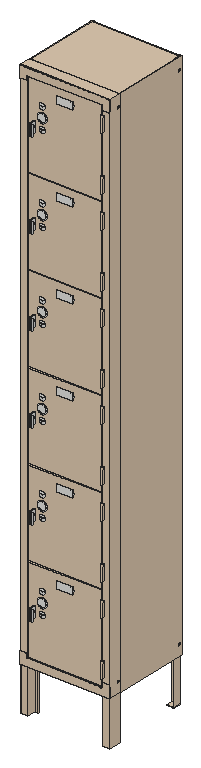
Revit family "Metal_Vented_Lockers-Salsbury_Industries-75000_76000_Series-1_Wide_Units", category Specialty Equipment, Revit 2016 (continued)
Definition of nested family "Vents"
  Lines and regions (in)
    model lines
      curve 73: spline (-0.12218, 0, 45.51529) -> (-0.10447, 0, 45.48616) -> (-0.08514, 0, 45.46173) -> (-0.06447, 0, 45.44237) -> (-0.04279, 0, 45.42839) -> (-0.02043, 0, 45.41999) -> (0.00227, 0, 45.41732) -> (0.02496, 0, 45.4204) -> (0.04728, 0, 45.42919) -> (0.0689, 0, 45.44355) -> (0.08949, 0, 45.46327) -> (0.10872, 0, 45.48805) -> (0.1263, 0, 45.51749)
      curve 74: line (-0.12218, 0, 45.51529) -> (-0.3738, 0, 46.16738)
      curve 75: line (0.1263, 0, 45.51749) -> (0.37669, 0, 46.16665)
      curve 76: spline (-0.12232, 0, 46.81911) -> (-0.1046, 0, 46.8484) -> (-0.08525, 0, 46.87298) -> (-0.06455, 0, 46.89244) -> (-0.04284, 0, 46.9065) -> (-0.02044, 0, 46.91494) -> (0.00229, 0, 46.91763) -> (0.02501, 0, 46.91453) -> (0.04737, 0, 46.90568) -> (0.06902, 0, 46.89122) -> (0.08963, 0, 46.87138) -> (0.10888, 0, 46.84645) -> (0.12647, 0, 46.81683)
      curve 77: line (-0.12232, 0, 46.81911) -> (-0.3738, 0, 46.16738)
      curve 78: line (0.12647, 0, 46.81683) -> (0.37669, 0, 46.16665)
      curve 79: spline (-0.12218, 0, 43.77829) -> (-0.10447, 0, 43.74916) -> (-0.08514, 0, 43.72473) -> (-0.06447, 0, 43.70537) -> (-0.04279, 0, 43.69139) -> (-0.02043, 0, 43.68299) -> (0.00227, 0, 43.68032) -> (0.02496, 0, 43.6834) -> (0.04728, 0, 43.69219) -> (0.0689, 0, 43.70655) -> (0.08949, 0, 43.72627) -> (0.10872, 0, 43.75105) -> (0.1263, 0, 43.78049)
      curve 80: line (-0.12218, 0, 43.77829) -> (-0.3738, 0, 44.43038)
      curve 81: line (0.1263, 0, 43.78049) -> (0.37669, 0, 44.42965)
      curve 82: spline (-0.12232, 0, 45.08211) -> (-0.1046, 0, 45.1114) -> (-0.08525, 0, 45.13598) -> (-0.06455, 0, 45.15544) -> (-0.04284, 0, 45.1695) -> (-0.02044, 0, 45.17794) -> (0.00229, 0, 45.18063) -> (0.02501, 0, 45.17753) -> (0.04737, 0, 45.16868) -> (0.06902, 0, 45.15422) -> (0.08963, 0, 45.13438) -> (0.10888, 0, 45.10945) -> (0.12647, 0, 45.07983)
      curve 83: line (-0.12232, 0, 45.08211) -> (-0.3738, 0, 44.43038)
      curve 84: line (0.12647, 0, 45.07983) -> (0.37669, 0, 44.42965)
      curve 85: spline (-0.12218, 0, 42.04129) -> (-0.10447, 0, 42.01216) -> (-0.08514, 0, 41.98773) -> (-0.06447, 0, 41.96837) -> (-0.04279, 0, 41.95439) -> (-0.02043, 0, 41.94599) -> (0.00227, 0, 41.94332) -> (0.02496, 0, 41.9464) -> (0.04728, 0, 41.95519) -> (0.0689, 0, 41.96955) -> (0.08949, 0, 41.98927) -> (0.10872, 0, 42.01405) -> (0.1263, 0, 42.04349)
      curve 86: line (-0.12218, 0, 42.04129) -> (-0.3738, 0, 42.69338)
      curve 87: line (0.1263, 0, 42.04349) -> (0.37669, 0, 42.69265)
      curve 88: spline (-0.12232, 0, 43.34511) -> (-0.1046, 0, 43.3744) -> (-0.08525, 0, 43.39898) -> (-0.06455, 0, 43.41844) -> (-0.04284, 0, 43.4325) -> (-0.02044, 0, 43.44094) -> (0.00229, 0, 43.44363) -> (0.02501, 0, 43.44053) -> (0.04737, 0, 43.43168) -> (0.06902, 0, 43.41722) -> (0.08963, 0, 43.39738) -> (0.10888, 0, 43.37245) -> (0.12647, 0, 43.34283)
      curve 89: line (-0.12232, 0, 43.34511) -> (-0.3738, 0, 42.69338)
      curve 90: line (0.12647, 0, 43.34283) -> (0.37669, 0, 42.69265)
      curve 91: spline (-0.12218, 0, 40.30429) -> (-0.10447, 0, 40.27516) -> (-0.08514, 0, 40.25073) -> (-0.06447, 0, 40.23137) -> (-0.04279, 0, 40.21739) -> (-0.02043, 0, 40.20899) -> (0.00227, 0, 40.20632) -> (0.02496, 0, 40.2094) -> (0.04728, 0, 40.21819) -> (0.0689, 0, 40.23255) -> (0.08949, 0, 40.25227) -> (0.10872, 0, 40.27705) -> (0.1263, 0, 40.30649)
      curve 92: line (-0.12218, 0, 40.30429) -> (-0.3738, 0, 40.95638)
      curve 93: line (0.1263, 0, 40.30649) -> (0.37669, 0, 40.95565)
      curve 94: spline (-0.12232, 0, 41.60811) -> (-0.1046, 0, 41.6374) -> (-0.08525, 0, 41.66198) -> (-0.06455, 0, 41.68144) -> (-0.04284, 0, 41.6955) -> (-0.02044, 0, 41.70394) -> (0.00229, 0, 41.70663) -> (0.02501, 0, 41.70353) -> (0.04737, 0, 41.69468) -> (0.06902, 0, 41.68022) -> (0.08963, 0, 41.66038) -> (0.10888, 0, 41.63545) -> (0.12647, 0, 41.60583)
      curve 95: line (-0.12232, 0, 41.60811) -> (-0.3738, 0, 40.95638)
      curve 96: line (0.12647, 0, 41.60583) -> (0.37669, 0, 40.95565)
      curve 97: spline (-0.12218, 0, 38.56729) -> (-0.10447, 0, 38.53816) -> (-0.08514, 0, 38.51373) -> (-0.06447, 0, 38.49437) -> (-0.04279, 0, 38.48039) -> (-0.02043, 0, 38.47199) -> (0.00227, 0, 38.46932) -> (0.02496, 0, 38.4724) -> (0.04728, 0, 38.48119) -> (0.0689, 0, 38.49555) -> (0.08949, 0, 38.51527) -> (0.10872, 0, 38.54005) -> (0.1263, 0, 38.56949)
      curve 98: line (-0.12218, 0, 38.56729) -> (-0.3738, 0, 39.21938)
      curve 99: line (0.1263, 0, 38.56949) -> (0.37669, 0, 39.21865)
      curve 100: spline (-0.12232, 0, 39.87111) -> (-0.1046, 0, 39.9004) -> (-0.08525, 0, 39.92498) -> (-0.06455, 0, 39.94444) -> (-0.04284, 0, 39.9585) -> (-0.02044, 0, 39.96694) -> (0.00229, 0, 39.96963) -> (0.02501, 0, 39.96653) -> (0.04737, 0, 39.95768) -> (0.06902, 0, 39.94322) -> (0.08963, 0, 39.92338) -> (0.10888, 0, 39.89845) -> (0.12647, 0, 39.86883)
      curve 101: line (-0.12232, 0, 39.87111) -> (-0.3738, 0, 39.21938)
      curve 102: line (0.12647, 0, 39.86883) -> (0.37669, 0, 39.21865)
      curve 103: spline (-0.12218, 0, 36.83029) -> (-0.10447, 0, 36.80116) -> (-0.08514, 0, 36.77673) -> (-0.06447, 0, 36.75737) -> (-0.04279, 0, 36.74339) -> (-0.02043, 0, 36.73499) -> (0.00227, 0, 36.73232) -> (0.02496, 0, 36.7354) -> (0.04728, 0, 36.74419) -> (0.0689, 0, 36.75855) -> (0.08949, 0, 36.77827) -> (0.10872, 0, 36.80305) -> (0.1263, 0, 36.83249)
      curve 104: line (-0.12218, 0, 36.83029) -> (-0.3738, 0, 37.48238)
      curve 105: line (0.1263, 0, 36.83249) -> (0.37669, 0, 37.48165)
      curve 106: spline (-0.12232, 0, 38.13411) -> (-0.1046, 0, 38.1634) -> (-0.08525, 0, 38.18798) -> (-0.06455, 0, 38.20744) -> (-0.04284, 0, 38.2215) -> (-0.02044, 0, 38.22994) -> (0.00229, 0, 38.23263) -> (0.02501, 0, 38.22953) -> (0.04737, 0, 38.22068) -> (0.06902, 0, 38.20622) -> (0.08963, 0, 38.18638) -> (0.10888, 0, 38.16145) -> (0.12647, 0, 38.13183)
      curve 107: line (-0.12232, 0, 38.13411) -> (-0.3738, 0, 37.48238)
      curve 108: line (0.12647, 0, 38.13183) -> (0.37669, 0, 37.48165)
      curve 109: spline (-0.12218, 0, 35.09329) -> (-0.10447, 0, 35.06416) -> (-0.08514, 0, 35.03973) -> (-0.06447, 0, 35.02037) -> (-0.04279, 0, 35.00639) -> (-0.02043, 0, 34.99799) -> (0.00227, 0, 34.99532) -> (0.02496, 0, 34.9984) -> (0.04728, 0, 35.00719) -> (0.0689, 0, 35.02155) -> (0.08949, 0, 35.04127) -> (0.10872, 0, 35.06605) -> (0.1263, 0, 35.09549)
      curve 110: line (-0.12218, 0, 35.09329) -> (-0.3738, 0, 35.74538)
      curve 111: line (0.1263, 0, 35.09549) -> (0.37669, 0, 35.74465)
      curve 112: spline (-0.12232, 0, 36.39711) -> (-0.1046, 0, 36.4264) -> (-0.08525, 0, 36.45098) -> (-0.06455, 0, 36.47044) -> (-0.04284, 0, 36.4845) -> (-0.02044, 0, 36.49294) -> (0.00229, 0, 36.49563) -> (0.02501, 0, 36.49253) -> (0.04737, 0, 36.48368) -> (0.06902, 0, 36.46922) -> (0.08963, 0, 36.44938) -> (0.10888, 0, 36.42445) -> (0.12647, 0, 36.39483)
      curve 113: line (-0.12232, 0, 36.39711) -> (-0.3738, 0, 35.74538)
      curve 114: line (0.12647, 0, 36.39483) -> (0.37669, 0, 35.74465)
      curve 115: spline (-0.12218, 0, 33.35629) -> (-0.10447, 0, 33.32716) -> (-0.08514, 0, 33.30273) -> (-0.06447, 0, 33.28337) -> (-0.04279, 0, 33.26939) -> (-0.02043, 0, 33.26099) -> (0.00227, 0, 33.25832) -> (0.02496, 0, 33.2614) -> (0.04728, 0, 33.27019) -> (0.0689, 0, 33.28455) -> (0.08949, 0, 33.30427) -> (0.10872, 0, 33.32905) -> (0.1263, 0, 33.35849)
      curve 116: line (-0.12218, 0, 33.35629) -> (-0.3738, 0, 34.00838)
      curve 117: line (0.1263, 0, 33.35849) -> (0.37669, 0, 34.00765)
      curve 118: spline (-0.12232, 0, 34.66011) -> (-0.1046, 0, 34.6894) -> (-0.08525, 0, 34.71398) -> (-0.06455, 0, 34.73344) -> (-0.04284, 0, 34.7475) -> (-0.02044, 0, 34.75594) -> (0.00229, 0, 34.75863) -> (0.02501, 0, 34.75553) -> (0.04737, 0, 34.74668) -> (0.06902, 0, 34.73222) -> (0.08963, 0, 34.71238) -> (0.10888, 0, 34.68745) -> (0.12647, 0, 34.65783)
      curve 119: line (-0.12232, 0, 34.66011) -> (-0.3738, 0, 34.00838)
      curve 120: line (0.12647, 0, 34.65783) -> (0.37669, 0, 34.00765)
      curve 121: spline (-0.12218, 0, 31.61929) -> (-0.10447, 0, 31.59016) -> (-0.08514, 0, 31.56573) -> (-0.06447, 0, 31.54637) -> (-0.04279, 0, 31.53239) -> (-0.02043, 0, 31.52399) -> (0.00227, 0, 31.52132) -> (0.02496, 0, 31.5244) -> (0.04728, 0, 31.53319) -> (0.0689, 0, 31.54755) -> (0.08949, 0, 31.56727) -> (0.10872, 0, 31.59205) -> (0.1263, 0, 31.62149)
      curve 122: line (-0.12218, 0, 31.61929) -> (-0.3738, 0, 32.27138)
      curve 123: line (0.1263, 0, 31.62149) -> (0.37669, 0, 32.27065)
      curve 124: spline (-0.12232, 0, 32.92311) -> (-0.1046, 0, 32.9524) -> (-0.08525, 0, 32.97698) -> (-0.06455, 0, 32.99644) -> (-0.04284, 0, 33.0105) -> (-0.02044, 0, 33.01894) -> (0.00229, 0, 33.02163) -> (0.02501, 0, 33.01853) -> (0.04737, 0, 33.00968) -> (0.06902, 0, 32.99522) -> (0.08963, 0, 32.97538) -> (0.10888, 0, 32.95045) -> (0.12647, 0, 32.92083)
      curve 125: line (-0.12232, 0, 32.92311) -> (-0.3738, 0, 32.27138)
      curve 126: line (0.12647, 0, 32.92083) -> (0.37669, 0, 32.27065)
      curve 127: spline (-0.12218, 0, 29.88229) -> (-0.10447, 0, 29.85316) -> (-0.08514, 0, 29.82873) -> (-0.06447, 0, 29.80937) -> (-0.04279, 0, 29.79539) -> (-0.02043, 0, 29.78699) -> (0.00227, 0, 29.78432) -> (0.02496, 0, 29.7874) -> (0.04728, 0, 29.79619) -> (0.0689, 0, 29.81055) -> (0.08949, 0, 29.83027) -> (0.10872, 0, 29.85505) -> (0.1263, 0, 29.88449)
      curve 128: line (-0.12218, 0, 29.88229) -> (-0.3738, 0, 30.53438)
      curve 129: line (0.1263, 0, 29.88449) -> (0.37669, 0, 30.53365)
      curve 130: spline (-0.12232, 0, 31.18611) -> (-0.1046, 0, 31.2154) -> (-0.08525, 0, 31.23998) -> (-0.06455, 0, 31.25944) -> (-0.04284, 0, 31.2735) -> (-0.02044, 0, 31.28194) -> (0.00229, 0, 31.28463) -> (0.02501, 0, 31.28153) -> (0.04737, 0, 31.27268) -> (0.06902, 0, 31.25822) -> (0.08963, 0, 31.23838) -> (0.10888, 0, 31.21345) -> (0.12647, 0, 31.18383)
      curve 131: line (-0.12232, 0, 31.18611) -> (-0.3738, 0, 30.53438)
      curve 132: line (0.12647, 0, 31.18383) -> (0.37669, 0, 30.53365)
      curve 133: spline (-0.12218, 0, 28.14529) -> (-0.10447, 0, 28.11616) -> (-0.08514, 0, 28.09173) -> (-0.06447, 0, 28.07237) -> (-0.04279, 0, 28.05839) -> (-0.02043, 0, 28.04999) -> (0.00227, 0, 28.04732) -> (0.02496, 0, 28.0504) -> (0.04728, 0, 28.05919) -> (0.0689, 0, 28.07355) -> (0.08949, 0, 28.09327) -> (0.10872, 0, 28.11805) -> (0.1263, 0, 28.14749)
      curve 134: line (-0.12218, 0, 28.14529) -> (-0.3738, 0, 28.79738)
      curve 135: line (0.1263, 0, 28.14749) -> (0.37669, 0, 28.79665)
      curve 136: spline (-0.12232, 0, 29.44911) -> (-0.1046, 0, 29.4784) -> (-0.08525, 0, 29.50298) -> (-0.06455, 0, 29.52244) -> (-0.04284, 0, 29.5365) -> (-0.02044, 0, 29.54494) -> (0.00229, 0, 29.54763) -> (0.02501, 0, 29.54453) -> (0.04737, 0, 29.53568) -> (0.06902, 0, 29.52122) -> (0.08963, 0, 29.50138) -> (0.10888, 0, 29.47645) -> (0.12647, 0, 29.44683)
      curve 137: line (-0.12232, 0, 29.44911) -> (-0.3738, 0, 28.79738)
      curve 138: line (0.12647, 0, 29.44683) -> (0.37669, 0, 28.79665)
      curve 139: spline (-0.12218, 0, 26.40829) -> (-0.10447, 0, 26.37916) -> (-0.08514, 0, 26.35473) -> (-0.06447, 0, 26.33537) -> (-0.04279, 0, 26.32139) -> (-0.02043, 0, 26.31299) -> (0.00227, 0, 26.31032) -> (0.02496, 0, 26.3134) -> (0.04728, 0, 26.32219) -> (0.0689, 0, 26.33655) -> (0.08949, 0, 26.35627) -> (0.10872, 0, 26.38105) -> (0.1263, 0, 26.41049)
      curve 140: line (-0.12218, 0, 26.40829) -> (-0.3738, 0, 27.06038)
      curve 141: line (0.1263, 0, 26.41049) -> (0.37669, 0, 27.05965)
      curve 142: spline (-0.12232, 0, 27.71211) -> (-0.1046, 0, 27.7414) -> (-0.08525, 0, 27.76598) -> (-0.06455, 0, 27.78544) -> (-0.04284, 0, 27.7995) -> (-0.02044, 0, 27.80794) -> (0.00229, 0, 27.81063) -> (0.02501, 0, 27.80753) -> (0.04737, 0, 27.79868) -> (0.06902, 0, 27.78422) -> (0.08963, 0, 27.76438) -> (0.10888, 0, 27.73945) -> (0.12647, 0, 27.70983)
      curve 143: line (-0.12232, 0, 27.71211) -> (-0.3738, 0, 27.06038)
      curve 144: line (0.12647, 0, 27.70983) -> (0.37669, 0, 27.05965)
      curve 145: spline (-0.12218, 0, 24.67129) -> (-0.10447, 0, 24.64216) -> (-0.08514, 0, 24.61773) -> (-0.06447, 0, 24.59837) -> (-0.04279, 0, 24.58439) -> (-0.02043, 0, 24.57599) -> (0.00227, 0, 24.57332) -> (0.02496, 0, 24.5764) -> (0.04728, 0, 24.58519) -> (0.0689, 0, 24.59955) -> (0.08949, 0, 24.61927) -> (0.10872, 0, 24.64405) -> (0.1263, 0, 24.67349)
      curve 146: line (-0.12218, 0, 24.67129) -> (-0.3738, 0, 25.32338)
      curve 147: line (0.1263, 0, 24.67349) -> (0.37669, 0, 25.32265)
      curve 148: spline (-0.12232, 0, 25.97511) -> (-0.1046, 0, 26.0044) -> (-0.08525, 0, 26.02898) -> (-0.06455, 0, 26.04844) -> (-0.04284, 0, 26.0625) -> (-0.02044, 0, 26.07094) -> (0.00229, 0, 26.07363) -> (0.02501, 0, 26.07053) -> (0.04737, 0, 26.06168) -> (0.06902, 0, 26.04722) -> (0.08963, 0, 26.02738) -> (0.10888, 0, 26.00245) -> (0.12647, 0, 25.97283)
      curve 149: line (-0.12232, 0, 25.97511) -> (-0.3738, 0, 25.32338)
      curve 150: line (0.12647, 0, 25.97283) -> (0.37669, 0, 25.32265)
      curve 151: spline (-0.12218, 0, 22.93429) -> (-0.10447, 0, 22.90516) -> (-0.08514, 0, 22.88073) -> (-0.06447, 0, 22.86137) -> (-0.04279, 0, 22.84739) -> (-0.02043, 0, 22.83899) -> (0.00227, 0, 22.83632) -> (0.02496, 0, 22.8394) -> (0.04728, 0, 22.84819) -> (0.0689, 0, 22.86255) -> (0.08949, 0, 22.88227) -> (0.10872, 0, 22.90705) -> (0.1263, 0, 22.93649)
      curve 152: line (-0.12218, 0, 22.93429) -> (-0.3738, 0, 23.58638)
      curve 153: line (0.1263, 0, 22.93649) -> (0.37669, 0, 23.58565)
      curve 154: spline (-0.12232, 0, 24.23811) -> (-0.1046, 0, 24.2674) -> (-0.08525, 0, 24.29198) -> (-0.06455, 0, 24.31144) -> (-0.04284, 0, 24.3255) -> (-0.02044, 0, 24.33394) -> (0.00229, 0, 24.33663) -> (0.02501, 0, 24.33353) -> (0.04737, 0, 24.32468) -> (0.06902, 0, 24.31022) -> (0.08963, 0, 24.29038) -> (0.10888, 0, 24.26545) -> (0.12647, 0, 24.23583)
      curve 155: line (-0.12232, 0, 24.23811) -> (-0.3738, 0, 23.58638)
      curve 156: line (0.12647, 0, 24.23583) -> (0.37669, 0, 23.58565)
      curve 157: spline (-0.12218, 0, 21.19729) -> (-0.10447, 0, 21.16816) -> (-0.08514, 0, 21.14373) -> (-0.06447, 0, 21.12437) -> (-0.04279, 0, 21.11039) -> (-0.02043, 0, 21.10199) -> (0.00227, 0, 21.09932) -> (0.02496, 0, 21.1024) -> (0.04728, 0, 21.11119) -> (0.0689, 0, 21.12555) -> (0.08949, 0, 21.14527) -> (0.10872, 0, 21.17005) -> (0.1263, 0, 21.19949)
      curve 158: line (-0.12218, 0, 21.19729) -> (-0.3738, 0, 21.84938)
      curve 159: line (0.1263, 0, 21.19949) -> (0.37669, 0, 21.84865)
      curve 160: spline (-0.12232, 0, 22.50111) -> (-0.1046, 0, 22.5304) -> (-0.08525, 0, 22.55498) -> (-0.06455, 0, 22.57444) -> (-0.04284, 0, 22.5885) -> (-0.02044, 0, 22.59694) -> (0.00229, 0, 22.59963) -> (0.02501, 0, 22.59653) -> (0.04737, 0, 22.58768) -> (0.06902, 0, 22.57322) -> (0.08963, 0, 22.55338) -> (0.10888, 0, 22.52845) -> (0.12647, 0, 22.49883)
      curve 161: line (-0.12232, 0, 22.50111) -> (-0.3738, 0, 21.84938)
      curve 162: line (0.12647, 0, 22.49883) -> (0.37669, 0, 21.84865)
      curve 163: spline (-0.12218, 0, 19.46029) -> (-0.10447, 0, 19.43116) -> (-0.08514, 0, 19.40673) -> (-0.06447, 0, 19.38737) -> (-0.04279, 0, 19.37339) -> (-0.02043, 0, 19.36499) -> (0.00227, 0, 19.36232) -> (0.02496, 0, 19.3654) -> (0.04728, 0, 19.37419) -> (0.0689, 0, 19.38855) -> (0.08949, 0, 19.40827) -> (0.10872, 0, 19.43305) -> (0.1263, 0, 19.46249)
      curve 164: line (-0.12218, 0, 19.46029) -> (-0.3738, 0, 20.11238)
      curve 165: line (0.1263, 0, 19.46249) -> (0.37669, 0, 20.11165)
      curve 166: spline (-0.12232, 0, 20.76411) -> (-0.1046, 0, 20.7934) -> (-0.08525, 0, 20.81798) -> (-0.06455, 0, 20.83744) -> (-0.04284, 0, 20.8515) -> (-0.02044, 0, 20.85994) -> (0.00229, 0, 20.86263) -> (0.02501, 0, 20.85953) -> (0.04737, 0, 20.85068) -> (0.06902, 0, 20.83622) -> (0.08963, 0, 20.81638) -> (0.10888, 0, 20.79145) -> (0.12647, 0, 20.76183)
      curve 167: line (-0.12232, 0, 20.76411) -> (-0.3738, 0, 20.11238)
      curve 168: line (0.12647, 0, 20.76183) -> (0.37669, 0, 20.11165)
      curve 197: spline (-0.12218, 0, 17.72329) -> (-0.10447, 0, 17.69416) -> (-0.08514, 0, 17.66973) -> (-0.06447, 0, 17.65037) -> (-0.04279, 0, 17.63639) -> (-0.02043, 0, 17.62799) -> (0.00227, 0, 17.62532) -> (0.02496, 0, 17.6284) -> (0.04728, 0, 17.63719) -> (0.0689, 0, 17.65155) -> (0.08949, 0, 17.67127) -> (0.10872, 0, 17.69605) -> (0.1263, 0, 17.72549)
      curve 198: line (-0.12218, 0, 17.72329) -> (-0.3738, 0, 18.37538)
      curve 199: line (0.1263, 0, 17.72549) -> (0.37669, 0, 18.37465)
      curve 200: spline (-0.12232, 0, 19.02711) -> (-0.1046, 0, 19.0564) -> (-0.08525, 0, 19.08098) -> (-0.06455, 0, 19.10044) -> (-0.04284, 0, 19.1145) -> (-0.02044, 0, 19.12294) -> (0.00229, 0, 19.12563) -> (0.02501, 0, 19.12253) -> (0.04737, 0, 19.11368) -> (0.06902, 0, 19.09922) -> (0.08963, 0, 19.07938) -> (0.10888, 0, 19.05445) -> (0.12647, 0, 19.02483)
      curve 201: line (-0.12232, 0, 19.02711) -> (-0.3738, 0, 18.37538)
      curve 202: line (0.12647, 0, 19.02483) -> (0.37669, 0, 18.37465)
      curve 204: spline (-0.12218, 0, 15.98629) -> (-0.10447, 0, 15.95716) -> (-0.08514, 0, 15.93273) -> (-0.06447, 0, 15.91337) -> (-0.04279, 0, 15.89939) -> (-0.02043, 0, 15.89099) -> (0.00227, 0, 15.88832) -> (0.02496, 0, 15.8914) -> (0.04728, 0, 15.90019) -> (0.0689, 0, 15.91455) -> (0.08949, 0, 15.93427) -> (0.10872, 0, 15.95905) -> (0.1263, 0, 15.98849)
      curve 205: line (-0.12218, 0, 15.98629) -> (-0.3738, 0, 16.63838)
      curve 206: line (0.1263, 0, 15.98849) -> (0.37669, 0, 16.63765)
      curve 207: spline (-0.12232, 0, 17.29011) -> (-0.1046, 0, 17.3194) -> (-0.08525, 0, 17.34398) -> (-0.06455, 0, 17.36344) -> (-0.04284, 0, 17.3775) -> (-0.02044, 0, 17.38594) -> (0.00229, 0, 17.38863) -> (0.02501, 0, 17.38553) -> (0.04737, 0, 17.37668) -> (0.06902, 0, 17.36222) -> (0.08963, 0, 17.34238) -> (0.10888, 0, 17.31745) -> (0.12647, 0, 17.28783)
      curve 208: line (-0.12232, 0, 17.29011) -> (-0.3738, 0, 16.63838)
      curve 209: line (0.12647, 0, 17.28783) -> (0.37669, 0, 16.63765)
      curve 211: spline (-0.12218, 0, 14.24929) -> (-0.10447, 0, 14.22016) -> (-0.08514, 0, 14.19573) -> (-0.06447, 0, 14.17637) -> (-0.04279, 0, 14.16239) -> (-0.02043, 0, 14.15399) -> (0.00227, 0, 14.15132) -> (0.02496, 0, 14.1544) -> (0.04728, 0, 14.16319) -> (0.0689, 0, 14.17755) -> (0.08949, 0, 14.19727) -> (0.10872, 0, 14.22205) -> (0.1263, 0, 14.25149)
      curve 212: line (-0.12218, 0, 14.24929) -> (-0.3738, 0, 14.90138)
      curve 213: line (0.1263, 0, 14.25149) -> (0.37669, 0, 14.90065)
      curve 214: spline (-0.12232, 0, 15.55311) -> (-0.1046, 0, 15.5824) -> (-0.08525, 0, 15.60698) -> (-0.06455, 0, 15.62644) -> (-0.04284, 0, 15.6405) -> (-0.02044, 0, 15.64894) -> (0.00229, 0, 15.65163) -> (0.02501, 0, 15.64853) -> (0.04737, 0, 15.63968) -> (0.06902, 0, 15.62522) -> (0.08963, 0, 15.60538) -> (0.10888, 0, 15.58045) -> (0.12647, 0, 15.55083)
      curve 215: line (-0.12232, 0, 15.55311) -> (-0.3738, 0, 14.90138)
      curve 216: line (0.12647, 0, 15.55083) -> (0.37669, 0, 14.90065)
      curve 218: spline (-0.12218, 0, 12.51229) -> (-0.10447, 0, 12.48316) -> (-0.08514, 0, 12.45873) -> (-0.06447, 0, 12.43937) -> (-0.04279, 0, 12.42539) -> (-0.02043, 0, 12.41699) -> (0.00227, 0, 12.41432) -> (0.02496, 0, 12.4174) -> (0.04728, 0, 12.42619) -> (0.0689, 0, 12.44055) -> (0.08949, 0, 12.46027) -> (0.10872, 0, 12.48505) -> (0.1263, 0, 12.51449)
      curve 219: line (-0.12218, 0, 12.51229) -> (-0.3738, 0, 13.16438)
      curve 220: line (0.1263, 0, 12.51449) -> (0.37669, 0, 13.16365)
      curve 221: spline (-0.12232, 0, 13.81611) -> (-0.1046, 0, 13.8454) -> (-0.08525, 0, 13.86998) -> (-0.06455, 0, 13.88944) -> (-0.04284, 0, 13.9035) -> (-0.02044, 0, 13.91194) -> (0.00229, 0, 13.91463) -> (0.02501, 0, 13.91153) -> (0.04737, 0, 13.90268) -> (0.06902, 0, 13.88822) -> (0.08963, 0, 13.86838) -> (0.10888, 0, 13.84345) -> (0.12647, 0, 13.81383)
      curve 222: line (-0.12232, 0, 13.81611) -> (-0.3738, 0, 13.16438)
      curve 223: line (0.12647, 0, 13.81383) -> (0.37669, 0, 13.16365)
      curve 225: spline (-0.12218, 0, 10.77529) -> (-0.10447, 0, 10.74616) -> (-0.08514, 0, 10.72173) -> (-0.06447, 0, 10.70237) -> (-0.04279, 0, 10.68839) -> (-0.02043, 0, 10.67999) -> (0.00227, 0, 10.67732) -> (0.02496, 0, 10.6804) -> (0.04728, 0, 10.68919) -> (0.0689, 0, 10.70355) -> (0.08949, 0, 10.72327) -> (0.10872, 0, 10.74805) -> (0.1263, 0, 10.77749)
      curve 226: line (-0.12218, 0, 10.77529) -> (-0.3738, 0, 11.42738)
      curve 227: line (0.1263, 0, 10.77749) -> (0.37669, 0, 11.42665)
      curve 228: spline (-0.12232, 0, 12.07911) -> (-0.1046, 0, 12.1084) -> (-0.08525, 0, 12.13298) -> (-0.06455, 0, 12.15244) -> (-0.04284, 0, 12.1665) -> (-0.02044, 0, 12.17494) -> (0.00229, 0, 12.17763) -> (0.02501, 0, 12.17453) -> (0.04737, 0, 12.16568) -> (0.06902, 0, 12.15122) -> (0.08963, 0, 12.13138) -> (0.10888, 0, 12.10645) -> (0.12647, 0, 12.07683)
      curve 229: line (-0.12232, 0, 12.07911) -> (-0.3738, 0, 11.42738)
      curve 230: line (0.12647, 0, 12.07683) -> (0.37669, 0, 11.42665)
      curve 232: spline (-0.12218, 0, 9.03829) -> (-0.10447, 0, 9.00916) -> (-0.08514, 0, 8.98473) -> (-0.06447, 0, 8.96537) -> (-0.04279, 0, 8.95139) -> (-0.02043, 0, 8.94299) -> (0.00227, 0, 8.94032) -> (0.02496, 0, 8.9434) -> (0.04728, 0, 8.95219) -> (0.0689, 0, 8.96655) -> (0.08949, 0, 8.98627) -> (0.10872, 0, 9.01105) -> (0.1263, 0, 9.04049)
      curve 233: line (-0.12218, 0, 9.03829) -> (-0.3738, 0, 9.69038)
      curve 234: line (0.1263, 0, 9.04049) -> (0.37669, 0, 9.68965)
      curve 235: spline (-0.12232, 0, 10.34211) -> (-0.1046, 0, 10.3714) -> (-0.08525, 0, 10.39598) -> (-0.06455, 0, 10.41544) -> (-0.04284, 0, 10.4295) -> (-0.02044, 0, 10.43794) -> (0.00229, 0, 10.44063) -> (0.02501, 0, 10.43753) -> (0.04737, 0, 10.42868) -> (0.06902, 0, 10.41422) -> (0.08963, 0, 10.39438) -> (0.10888, 0, 10.36945) -> (0.12647, 0, 10.33983)
      curve 236: line (-0.12232, 0, 10.34211) -> (-0.3738, 0, 9.69038)
      curve 237: line (0.12647, 0, 10.33983) -> (0.37669, 0, 9.68965)
      curve 239: spline (-0.12218, 0, 7.30129) -> (-0.10447, 0, 7.27216) -> (-0.08514, 0, 7.24773) -> (-0.06447, 0, 7.22837) -> (-0.04279, 0, 7.21439) -> (-0.02043, 0, 7.20599) -> (0.00227, 0, 7.20332) -> (0.02496, 0, 7.2064) -> (0.04728, 0, 7.21519) -> (0.0689, 0, 7.22955) -> (0.08949, 0, 7.24927) -> (0.10872, 0, 7.27405) -> (0.1263, 0, 7.30349)
      curve 240: line (-0.12218, 0, 7.30129) -> (-0.3738, 0, 7.95338)
      curve 241: line (0.1263, 0, 7.30349) -> (0.37669, 0, 7.95265)
      curve 242: spline (-0.12232, 0, 8.60511) -> (-0.1046, 0, 8.6344) -> (-0.08525, 0, 8.65898) -> (-0.06455, 0, 8.67844) -> (-0.04284, 0, 8.6925) -> (-0.02044, 0, 8.70094) -> (0.00229, 0, 8.70363) -> (0.02501, 0, 8.70053) -> (0.04737, 0, 8.69168) -> (0.06902, 0, 8.67722) -> (0.08963, 0, 8.65738) -> (0.10888, 0, 8.63245) -> (0.12647, 0, 8.60283)
      curve 243: line (-0.12232, 0, 8.60511) -> (-0.3738, 0, 7.95338)
      curve 244: line (0.12647, 0, 8.60283) -> (0.37669, 0, 7.95265)
      curve 246: spline (-0.12218, 0, 5.56429) -> (-0.10447, 0, 5.53516) -> (-0.08514, 0, 5.51073) -> (-0.06447, 0, 5.49137) -> (-0.04279, 0, 5.47739) -> (-0.02043, 0, 5.46899) -> (0.00227, 0, 5.46632) -> (0.02496, 0, 5.4694) -> (0.04728, 0, 5.47819) -> (0.0689, 0, 5.49255) -> (0.08949, 0, 5.51227) -> (0.10872, 0, 5.53705) -> (0.1263, 0, 5.56649)
      curve 247: line (-0.12218, 0, 5.56429) -> (-0.3738, 0, 6.21638)
      curve 248: line (0.1263, 0, 5.56649) -> (0.37669, 0, 6.21565)
      curve 249: spline (-0.12232, 0, 6.86811) -> (-0.1046, 0, 6.8974) -> (-0.08525, 0, 6.92198) -> (-0.06455, 0, 6.94144) -> (-0.04284, 0, 6.9555) -> (-0.02044, 0, 6.96394) -> (0.00229, 0, 6.96663) -> (0.02501, 0, 6.96353) -> (0.04737, 0, 6.95468) -> (0.06902, 0, 6.94022) -> (0.08963, 0, 6.92038) -> (0.10888, 0, 6.89545) -> (0.12647, 0, 6.86583)
      curve 250: line (-0.12232, 0, 6.86811) -> (-0.3738, 0, 6.21638)
      curve 251: line (0.12647, 0, 6.86583) -> (0.37669, 0, 6.21565)
    reference lines
      curve 169: line (-0.37307, 0, 67.00949) -> (0.37714, 0, 67.00949)
      curve 170: line (-0.37307, 0, 65.27249) -> (0.37714, 0, 65.27249)
      curve 171: line (-0.37307, 0, 63.53549) -> (0.37714, 0, 63.53549)
      curve 172: line (-0.37307, 0, 61.79849) -> (0.37714, 0, 61.79849)
      curve 173: line (-0.37307, 0, 60.06149) -> (0.37714, 0, 60.06149)
      curve 174: line (-0.37307, 0, 58.32449) -> (0.37714, 0, 58.32449)
      curve 175: line (-0.37307, 0, 56.58749) -> (0.37714, 0, 56.58749)
      curve 176: line (-0.37307, 0, 54.85049) -> (0.37714, 0, 54.85049)
      curve 177: line (-0.37307, 0, 53.11349) -> (0.37714, 0, 53.11349)
      curve 178: line (-0.37307, 0, 51.37649) -> (0.37714, 0, 51.37649)
      curve 179: line (-0.37307, 0, 49.63949) -> (0.37714, 0, 49.63949)
      curve 180: line (-0.37307, 0, 47.90249) -> (0.37714, 0, 47.90249)
      curve 181: line (-0.37307, 0, 46.16549) -> (0.37714, 0, 46.16549)
      curve 182: line (-0.37307, 0, 44.42849) -> (0.37714, 0, 44.42849)
      curve 183: line (-0.37307, 0, 42.69149) -> (0.37714, 0, 42.69149)
      curve 184: line (-0.37307, 0, 40.95449) -> (0.37714, 0, 40.95449)
      curve 185: line (-0.37307, 0, 39.21749) -> (0.37714, 0, 39.21749)
      curve 186: line (-0.37307, 0, 37.48049) -> (0.37714, 0, 37.48049)
      curve 187: line (-0.37307, 0, 35.74349) -> (0.37714, 0, 35.74349)
      curve 188: line (-0.37307, 0, 34.00649) -> (0.37714, 0, 34.00649)
      curve 189: line (-0.37307, 0, 32.26949) -> (0.37714, 0, 32.26949)
      curve 190: line (-0.37307, 0, 30.53249) -> (0.37714, 0, 30.53249)
      curve 191: line (-0.37307, 0, 28.79549) -> (0.37714, 0, 28.79549)
      curve 192: line (-0.37307, 0, 27.05849) -> (0.37714, 0, 27.05849)
      curve 193: line (-0.37307, 0, 25.32149) -> (0.37714, 0, 25.32149)
      curve 194: line (-0.37307, 0, 23.58449) -> (0.37714, 0, 23.58449)
      curve 195: line (-0.37307, 0, 21.84749) -> (0.37714, 0, 21.84749)
      curve 196: line (-0.37307, 0, 20.11049) -> (0.37714, 0, 20.11049)
      curve 203: line (-0.37307, 0, 18.37349) -> (0.37714, 0, 18.37349)
      curve 210: line (-0.37307, 0, 16.63649) -> (0.37714, 0, 16.63649)
      curve 217: line (-0.37307, 0, 14.89949) -> (0.37714, 0, 14.89949)
      curve 224: line (-0.37307, 0, 13.16249) -> (0.37714, 0, 13.16249)
      curve 231: line (-0.37307, 0, 11.42549) -> (0.37714, 0, 11.42549)
      curve 238: line (-0.37307, 0, 9.68849) -> (0.37714, 0, 9.68849)
      curve 245: line (-0.37307, 0, 7.95149) -> (0.37714, 0, 7.95149)
      curve 252: line (-0.37307, 0, 6.21449) -> (0.37714, 0, 6.21449)
  Dimensions and locks (in)
    equal spacing: group 1, group 2, group 3, group 4, group 5, group 6, group 7, group 8, group 9, group 10, group 11, group 12, group 13, group 14, group 15, group 16, group 17, group 18, group 19, group 20, group 21, group 22, group 23, group 24, group 25, group 26, group 27, group 28, group 29, group 30, group 31, group 32, group 33, group 34, group 35, group 36  (x2)
    equal spacing: group 36, group 35, group 34, group 33, group 32, group 31, group 30, group 29, group 28, group 27, group 26, group 25, group 24, group 23, group 22, group 21, group 20, group 19, group 18, group 17, group 16, group 15, group 14, group 13, group 12, group 11, group 10, group 9, group 8, group 7, group 6, group 5, group 4, group 3, group 2, group 1
    aligned and locked: level to plane 2
Types (19): name | Zee Base | Vent Offset | Vent Configuration Height | Vent Array 2 | Vent Array 1 | Unit Height including Sloping Hood Only | Unit Height | Type Comments | Total Door(s) Height | Top Door | Top Compartment Divider | Sloping Hood Height | Primary Structure Material | Unit Height including Base Only | Overall Unit Height (including Base and Sloping Hood) | Model | Individual Door Height | Hasp Plate Rivet Material | Door Location D1 | Description | Depth | Compartment Divider Height | Base Height | Standard Leg Base
  (no name) | Metal Locker Zee Base : None | 3.250" | Vents : 6 foot high vents | 5 | 6 | 78.625" | 72.000" | "12\" Wide Vented Metal Locker - Box Style Six Tier" | 69.81949" | yes | yes | 6.625" | Steel - Salsbury Finish = Tan | 78.000" | 84.625" | "76162" | 11.534" | Steel -Salsbury Finish =  Polished Steel | Vented Metal Locker Doors-12 inch with Latch Hasps : Six Tier Door - 6 foot | "1 Wide - 6 Feet High - 12 Inches Deep" | 12.010" | 11.159" | 6.000" | Metal Locker Legs : 6" High - 12" W x 12" D
  76162 - with Standard 6" High Legs | Metal Locker Zee Base : None | 3.250" | Vents : 6 foot high vents | 5 | 6 | 78.625" | 72.000" | "12\" Wide Vented Metal Locker - Box Style Six Tier" | 69.81949" | yes | yes | 6.625" | Steel - Salsbury Finish = Tan | 78.000" | 84.625" | "76162" | 11.534" | Steel -Salsbury Finish =  Polished Steel | Vented Metal Locker Doors-12 inch with Latch Hasps : Six Tier Door - 6 foot | "1 Wide - 6 Feet High - 12 Inches Deep" | 12.010" | 11.159" | 6.000" | Metal Locker Legs : 6" High - 12" W x 12" D
  76165 - with Standard 6" High Legs | Metal Locker Zee Base : None | 3.500" | Vents : 6 foot high vents | 7 | 8 | 80.682" | 72.000" | "12\" Wide Vented Metal Locker - Box Style Six Tier" | 69.81949" | yes | yes | 8.682" | Paint - Salsbury Finish - Tan | 78.000" | 86.682" | "76165" | 11.534" | Steel -Salsbury Finish - Polished Steel | Vented Metal Locker Doors-12 inch with Latch Hasps : Six Tier Door - 6 foot | "1 Wide - 6 Feet High - 15 Inches Deep" | 15.010" | 11.159" | 6.000" | Metal Locker Legs : 6" High - 12" W x 15" D
  76168 - with Standard 6" High Legs | Metal Locker Zee Base : None | 3.750" | Vents : 6 foot high vents | 9 | 10 | 82.739" | 72.000" | "12\" Wide Vented Metal Locker - Box Style Six Tier" | 69.81949" | yes | yes | 10.739" | Paint - Salsbury Finish - Tan | 78.000" | 88.739" | "76168" | 11.534" | Steel -Salsbury Finish - Polished Steel | Vented Metal Locker Doors-12 inch with Latch Hasps : Six Tier Door - 6 foot | "1 Wide - 6 Feet High - 18 Inches Deep" | 18.010" | 11.159" | 6.000" | Metal Locker Legs : 6" High - 12"W x 18"D
  76162 - with 77572 Zee Base and 77550 Lockers without Legs | Metal Locker Zee Base : 77572- 12" W x 12" D | 3.250" | Vents : 6 foot high vents | 5 | 6 | 78.625" | 72.000" | "12\" Wide Vented Metal Locker - Box Style Six Tier" | 69.81949" | yes | yes | 6.625" | Paint - Salsbury Finish - Tan | 76.000" | 82.625" | "76162 with 77572 and 77550" | 11.534" | Steel -Salsbury Finish - Polished Steel | Vented Metal Locker Doors-12 inch with Latch Hasps : Six Tier Door - 6 foot | "1 Wide - 6 Feet High - 12 Inches Deep with Zee Base and Lockers without Legs" | 12.010" | 11.159" | 4.000" | Metal Locker Legs : No Legs
  76165 - with 77575 Zee Base and 77550 Lockers without Legs | Metal Locker Zee Base : 77575 - 12" W x 15" D | 3.500" | Vents : 6 foot high vents | 7 | 8 | 80.682" | 72.000" | "12\" Wide Vented Metal Locker - Box Style Six Tier" | 69.81949" | yes | yes | 8.682" | Paint - Salsbury Finish - Tan | 76.000" | 84.682" | "76165 with 77575 and 77550" | 11.534" | Steel -Salsbury Finish - Polished Steel | Vented Metal Locker Doors-12 inch with Latch Hasps : Six Tier Door - 6 foot | "1 Wide - 6 Feet High - 15 Inches Deep with Zee Base and Lockers without Legs" | 15.010" | 11.159" | 4.000" | Metal Locker Legs : No Legs
  76168 - with 77578 Zee Base and 77550 Lockers without Legs | Metal Locker Zee Base : 77578 - 12"W x 18"D | 3.750" | Vents : 6 foot high vents | 9 | 10 | 82.739" | 72.000" | "12\" Wide Vented Metal Locker - Box Style Six Tier" | 69.81949" | yes | yes | 10.739" | Paint - Salsbury Finish - Tan | 76.000" | 86.739" | "76168 with 77578 and 77550" | 11.534" | Steel -Salsbury Finish - Polished Steel | Vented Metal Locker Doors-12 inch with Latch Hasps : Six Tier Door - 6 foot | "1 Wide - 6 Feet High - 18 Inches Deep with Zee Base and Lockers without Legs" | 18.010" | 11.159" | 4.000" | Metal Locker Legs : No Legs
  76162 - with 77550 Lockers without Legs | Metal Locker Zee Base : None | 3.250" | Vents : 6 foot high vents | 5 | 6 | 78.625" | 72.000" | "12\" Wide Vented Metal Locker - Box Style Six Tier" | 69.81949" | yes | yes | 6.625" | Paint - Salsbury Finish - Tan | 72.000" | 78.625" | "76162 with 77550" | 11.534" | Steel -Salsbury Finish - Polished Steel | Vented Metal Locker Doors-12 inch with Latch Hasps : Six Tier Door - 6 foot | "1 Wide - 6 Feet High - 12 Inches Deep with Lockers without Legs" | 12.010" | 11.159" | 0.000" | Metal Locker Legs : No Legs
  76165 - with 77550 Lockers without Legs | Metal Locker Zee Base : None | 3.500" | Vents : 6 foot high vents | 7 | 8 | 80.682" | 72.000" | "12\" Wide Vented Metal Locker - Box Style Six Tier" | 69.81949" | yes | yes | 8.682" | Paint - Salsbury Finish - Tan | 72.000" | 80.682" | "76165 with 77550" | 11.534" | Steel -Salsbury Finish - Polished Steel | Vented Metal Locker Doors-12 inch with Latch Hasps : Six Tier Door - 6 foot | "1 Wide - 6 Feet High - 15 Inches Deep with Lockers without Legs" | 15.010" | 11.159" | 0.000" | Metal Locker Legs : No Legs
  76168 - with 77550 Lockers without Legs | Metal Locker Zee Base : None | 3.750" | Vents : 6 foot high vents | 9 | 10 | 82.739" | 72.000" | "12\" Wide Vented Metal Locker - Box Style Six Tier" | 69.81949" | yes | yes | 10.739" | Paint - Salsbury Finish - Tan | 72.000" | 82.739" | "76168 with 77550" | 11.534" | Steel -Salsbury Finish - Polished Steel | Vented Metal Locker Doors-12 inch with Latch Hasps : Six Tier Door - 6 foot | "1 Wide - 6 Feet High - 18 Inches Deep with Lockers without Legs" | 18.010" | 11.159" | 0.000" | Metal Locker Legs : No Legs
  75152 - with Standard 6" High Legs | Metal Locker Zee Base : None | 3.250" | Vents : 5 foot high vents | 5 | 6 | 66.625" | 60.000" | "12\" Wide Vented Metal Locker - Box Style Five Tier" | 57.81949" | no | no | 6.625" | Paint - Salsbury Finish - Tan | 66.000" | 72.625" | "75152" | 11.463" | Steel -Salsbury Finish - Polished Steel | Vented Metal Locker Doors-12 inch with Latch Hasps : Five Tier Door - 5 foot | "1 Wide - 5 Feet High - 12 Inches Deep" | 12.010" | 11.088" | 6.000" | Metal Locker Legs : 6" High - 12" W x 12" D
  75152 - with 77572 Zee Base and 77550 Lockers without Legs | Metal Locker Zee Base : 77572- 12" W x 12" D | 3.250" | Vents : 5 foot high vents | 5 | 6 | 66.625" | 60.000" | "12\" Wide Vented Metal Locker - Box Style Five Tier" | 57.81949" | no | no | 6.625" | Paint - Salsbury Finish - Tan | 64.000" | 70.625" | "75152 with 77572 and 77550" | 11.463" | Steel -Salsbury Finish - Polished Steel | Vented Metal Locker Doors-12 inch with Latch Hasps : Five Tier Door - 5 foot | "1 Wide - 5 Feet High - 12 Inches Deep with Zee Base and Lockers without Legs" | 12.010" | 11.088" | 4.000" | Metal Locker Legs : No Legs
  75152 - with 77550 Lockers without Legs | Metal Locker Zee Base : None | 3.250" | Vents : 5 foot high vents | 5 | 6 | 66.625" | 60.000" | "12\" Wide Vented Metal Locker - Box Style Five Tier" | 57.81949" | no | no | 6.625" | Paint - Salsbury Finish - Tan | 60.000" | 66.625" | "75152 with 77550" | 11.463" | Steel -Salsbury Finish - Polished Steel | Vented Metal Locker Doors-12 inch with Latch Hasps : Five Tier Door - 5 foot | "1 Wide - 5 Feet High - 12 Inches Deep with Lockers without Legs" | 12.010" | 11.088" | 0.000" | Metal Locker Legs : No Legs
  75155 - with Standard 6" High Legs | Metal Locker Zee Base : None | 3.500" | Vents : 5 foot high vents | 7 | 8 | 68.682" | 60.000" | "12\" Wide Vented Metal Locker - Box Style Five Tier" | 57.81949" | no | no | 8.682" | Paint - Salsbury Finish - Tan | 66.000" | 74.682" | "75155" | 11.463" | Steel -Salsbury Finish - Polished Steel | Vented Metal Locker Doors-12 inch with Latch Hasps : Five Tier Door - 5 foot | "1 Wide - 5 Feet High - 15 Inches Deep" | 15.010" | 11.088" | 6.000" | Metal Locker Legs : 6" High - 12" W x 15" D
  75155 - with 77575 Zee Base and 77550 Lockers without Legs | Metal Locker Zee Base : 77575 - 12" W x 15" D | 3.500" | Vents : 5 foot high vents | 7 | 8 | 68.682" | 60.000" | "12\" Wide Vented Metal Locker - Box Style Five Tier" | 57.81949" | no | no | 8.682" | Paint - Salsbury Finish - Tan | 64.000" | 72.682" | "75155 with 77575 and 77550" | 11.463" | Steel -Salsbury Finish - Polished Steel | Vented Metal Locker Doors-12 inch with Latch Hasps : Five Tier Door - 5 foot | "1 Wide - 5 Feet High - 15 Inches Deep with Zee Base and Lockers without Legs" | 15.010" | 11.088" | 4.000" | Metal Locker Legs : No Legs
  75155 - with 77550 Lockers without Legs | Metal Locker Zee Base : None | 3.500" | Vents : 5 foot high vents | 7 | 8 | 68.682" | 60.000" | "12\" Wide Vented Metal Locker - Box Style Five Tier" | 57.81949" | no | no | 8.682" | Paint - Salsbury Finish - Tan | 60.000" | 68.682" | "75155 with 77550" | 11.463" | Steel -Salsbury Finish - Polished Steel | Vented Metal Locker Doors-12 inch with Latch Hasps : Five Tier Door - 5 foot | "1 Wide - 5 Feet High - 15 Inches Deep with Lockers without Legs" | 15.010" | 11.088" | 0.000" | Metal Locker Legs : No Legs
  75158 - with Standard 6" High Legs | Metal Locker Zee Base : None | 3.750" | Vents : 5 foot high vents | 9 | 10 | 70.739" | 60.000" | "12\" Wide Vented Metal Locker - Box Style Five Tier" | 57.81949" | no | no | 10.739" | Paint - Salsbury Finish - Tan | 66.000" | 76.739" | "75158" | 11.463" | Steel -Salsbury Finish - Polished Steel | Vented Metal Locker Doors-12 inch with Latch Hasps : Five Tier Door - 5 foot | "1 Wide - 5 Feet High - 18 Inches Deep" | 18.010" | 11.088" | 6.000" | Metal Locker Legs : 6" High - 12"W x 18"D
  75158 - with 77578 Zee Base and 77550 Lockers without Legs | Metal Locker Zee Base : 77578 - 12"W x 18"D | 3.750" | Vents : 5 foot high vents | 9 | 10 | 70.739" | 60.000" | "12\" Wide Vented Metal Locker - Box Style Five Tier" | 57.81949" | no | no | 10.739" | Paint - Salsbury Finish - Tan | 64.000" | 74.739" | "75158 with 77578 and 77550" | 11.463" | Steel -Salsbury Finish - Polished Steel | Vented Metal Locker Doors-12 inch with Latch Hasps : Five Tier Door - 5 foot | "1 Wide - 5 Feet High - 18 Inches Deep with Zee Base and Lockers without Legs" | 18.010" | 11.088" | 4.000" | Metal Locker Legs : No Legs
  75158 - with 77550 Lockers without Legs | Metal Locker Zee Base : None | 3.750" | Vents : 5 foot high vents | 9 | 10 | 70.739" | 60.000" | "12\" Wide Vented Metal Locker - Box Style Five Tier" | 57.81949" | no | no | 10.739" | Paint - Salsbury Finish - Tan | 60.000" | 70.739" | "75158 with 77550" | 11.463" | Steel -Salsbury Finish - Polished Steel | Vented Metal Locker Doors-12 inch with Latch Hasps : Five Tier Door - 5 foot | "1 Wide - 5 Feet High - 18 Inches Deep with Lockers without Legs" | 18.010" | 11.088" | 0.000" | Metal Locker Legs : No Legs
